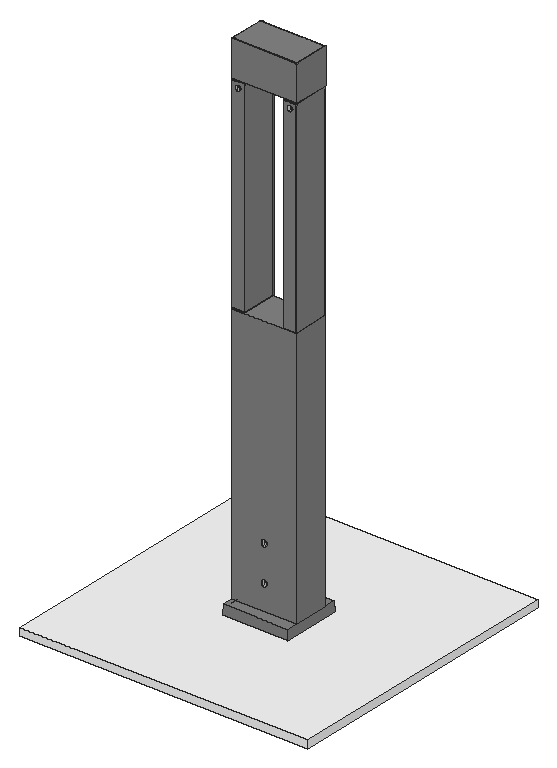
Revit family "BE_77266_de_DE", category Leuchten, Revit 2020
Family settings
  Basisbauteil = Fläche
  Bemaßung runder Anschluss = Durchmesser verwenden
  Teiletyp = Normal
  Beim Laden mit Abzugskörper schneiden = Ja
  Lichtquelle = Ja
  Gemeinsam genutzt = Nein
  Raumberechnungspunkt = Ja
Parameters (values of type "BEGA_77266_Grafit_K3")
  built-in parameter 1150104 = 11.281 (stored number, unit not read)
  Wattage = 4.2 W
  Default Elevation = 0 mm
  built-in parameter 1150113 = 1 (stored number, unit not read)
  built-in parameter 1114218 = 1 (stored number, unit not read)
  Umgebungstemperatur = "25 °C"
  URL = "https://www.bega.com/de/produkt/77266"
  Typenkommentare = "© 2022 BEGA. Wir behalten uns das Recht vor, technische Änderungen ohne vorherige Ankündigung vorzunehmen."  # constant formula
  Type Image = 77266.png
  built-in parameter 1150134 = (empty or 0)
  built-in parameter 1150109 = 1 (stored number, unit not read)
  Strom = ""
  built-in parameter 1150110 = 1 (stored number, unit not read)
  Spannung = 239.996 V
  Sonderanfertigung = no
  Seriennummer [instance] = "Hier können Sie die eindeutige Seriennummer für das Facility Management eintragen."
  Schutzklasse = "I"
  Schutzart = "IP 65"
  Scheinlast = 0 VA
  Produktdatenblatt = "https://cdn.bega.com/bega/products/77266K3/current/documents/data-sheets/de"
  Oberflächentemperatur = ""
  Neigungswinkel = 0.00°
  Modell = "77266K3"
  Material_18 = BEGA_Gummi_schwarz
  Material_17 = BEGA_Reflektor
  Material_15 = BEGA_Leuchtmedium_matt
  Material_10 = BEGA_Glas_matt
  Material_08 = BEGA_Oberfläche_Stahl_verzinkt
  Material_06 = BEGA_Oberfläche_Edelstahl_gebürstet
  Material_03 = BEGA_Oberfläche_Weiss_matt
  Material_02 = BEGA_Oberfläche_Silber_matt
  Material_01 [instance] = BEGA_Oberfläche_Grafit_matt
  M_G = yes
  M_A = no
  Logo = 0
  built-in parameter 1114217 = 1 (stored number, unit not read)
  built-in parameter 1150139 = (empty or 0)
  built-in parameter 1150105 = 40.585 (stored number, unit not read)
  built-in parameter 1150114 = 1 (stored number, unit not read)
  Lumens = 510.006 lm
  built-in parameter 1150115 = 1 (stored number, unit not read)
  Leuchtenlichtstrom = "216 lm"
  Leuchtenanzahl = ""
  Lebensdauerkriterien = "L70B50 @ 25 °C = 200000 h"
  Lastklassifizierung = Beleuchtung
  built-in parameter 1150112 = 1 (stored number, unit not read)
  Lampenlichtstrom = "690 lm"
  Lampe = "LED 4 W"
  LED_Modulbezeichnung = "2x LED-0234/830"
  built-in parameter 1150142 = (empty or 0)
  Hersteller = "BEGA"  # constant formula
  Halbstreuwinkel = ""
  Gewicht = "2.2 kg"
  Gebrauchslageneinschränkung [instance] = ""
  Frequenz = "0/50-60 Hz"
  Farbwiedergabeindex = "CRI > 80"
  Farbtemperaturverschiebung bei Dämpfen der Lampe = <Keine Auswahl>
  Farbtemperatur = "3000 K"
  Color Filter = 16777215
  built-in parameter 1150133 = 10 (stored number, unit not read)
  Energieeffizienzklasse = "LED A++ - A"
  built-in parameter 1150137 = (empty or 0)
  built-in parameter 1150132 = (empty or 0)
  ENEC = "ja"
  Dimmbar [instance] = "on/off"
  Datei für fotometrisches Netz = "BE_77266K3.IES"
  CE_Konformität = "ja"
  Bestellnummer = "77266K3"
  Beschreibung_Sonderanfertigung = "Hier können Sie Informationen zur Sonderanfertigung eintragen."
  Beschreibung = "Garten- und Wegeleuchte"
  built-in parameter 1150106 = 0.40585 (stored number, unit not read)
  Befestigungsbohrung = "Ø 5,5 mm"
  Befestigungsabstand = ""
  Ballwurfsicher = ""
  BEGA_Intern_aus = yes
  BEGA_Intern_an = yes
  BEGA_Intern_Konstruktion = yes
  BEGA_Intern = yes
  BEGA_IES = yes
  BEGA_Dummy = no
  Anschlussleitung = ""
  Anschlussleistung [instance] = "5.2 W"
  Anschlusskasten = ""
  built-in parameter 1150107 = 3000 (stored number, unit not read)
  built-in parameter 1150102 = (empty or 0)
  built-in parameter 1150138 = (empty or 0)
  Aktualisierung = "2022-05-19T04:00:07"
  Abstand_zur_angestrahlten_Fläche [instance] = ""
  AC/DC = "AC/DC"
Types (2, lengths in mm): name | Modell | M_G | M_A | Bestellnummer
  BEGA_77266_Silber_K3 | "77266AK3" | no | yes | "77266AK3"
  BEGA_77266_Grafit_K3 | "77266K3" | yes | no | "77266K3"
Reference planes
  plane 1 "Mitte (Vorne/Hinten)": y = 0
  plane 2: z = 0
  plane 3 "Mitte (Links/Rechts)": x = 0
  plane 4 "Links": x = -45.237
  plane 5 "Rechts": x = 45.237
  plane 6 "Unten": y = -40.235
  plane 7 "Oben": y = 40.235
  plane 8 "Vorne": z = 712.472
  plane 9 "Hinten": z = 0
Forms (mm)
  Extrusion 1, solid, material "BEGA_Platte_Weiss"
    sketch origin (0, -1119.2, 0) x (1, 0, 0) y (0, 1, 0)
      loop
        line (-200, 1319.2) -> (-200, 919.2) -> (200, 919.2) -> (200, 1319.2) -> (-200, 1319.2)
    from 0 to -10
  Extrusion 2, solid, material "BEGA_Dummy_matt", visible <- "BEGA_Dummy"
    sketch origin (80.095, -76.023, 0) x (1, 0, 0) y (0, 1, 0)
      loop
        line (-125.332, 116.258) -> (-125.332, 35.788) -> (-34.858, 35.788) -> (-34.858, 116.258) -> (-125.332, 116.258)
    from 0 to 712.472
Dimensions and locks
  plane 1 "Mitte (Vorne/Hinten)" to Extrusion 1 = 200 mm
  aligned and locked: plane 2 to Extrusion 1
  aligned and locked: level to Extrusion 1
Nested families
  nested 1: "BE_77266" at (0, 0, 0), type "BE_77266"
Connectors
  electrical at (0, 0, 0), driven by "Lastklassifizierung", driven by "Spannung", driven by "Scheinlast"
    settings: index 1, voltage 239.996 V, apparent load 0 VA, apparent load phase1 0 VA, apparent load phase2 0 VA, apparent load phase3 0 VA, power factor 1, load classification "Beleuchtung", number of poles 1, system type 31, power factor state 1, is connector primary yes, connector utility no, sub classification motor no, connector description ""
Definition of nested family "BE_77266"
  Parameters (values of type "BE_77266")
    Default Elevation = 1 mm
    URL = "http://www.bega.de/de/produkt"
    Type Comments = "© 2015 BEGA. Wir behalten uns das Recht vor, technische Änderungen ohne vorherige Ankündigung vorzunehmen. "  # constant formula
    Type Image = (empty or 0)
    Material_18 = none
    Material_17 = none
    Material_15 = none
    Material_11 = none
    Material_10 = none
    Material_09 = none
    Material_08 = none
    Material_06 = none
    Material_03 = none
    Material_02 = none
    Material_01 = none
    M_W = yes
    M_G = yes
    M_A = yes
    Länge_Platte = 200 mm  # constant formula
    Höhe_Platte = -10 mm  # constant formula
    Manufacturer = "BEGA"  # constant formula
    Breite_Platte = 200 mm  # constant formula
  Reference planes
    plane 1 "Mitte (Oben/Unten)": y = 0
    plane 2: z = 0
    plane 3 "Mitte (Links/Rechts)": x = 0
    plane 4: x = -45.237
    plane 5: z = 712.472
    plane 6: x = 45.237
    plane 7: y = -40.235
    plane 8: y = 40.235
  Forms (mm)
    Extrusion 1, solid, detail levels medium
      sketch origin (0, 0, 0) x (1, 0, 0) y (0, 1, 0)
        loop
          line (-100, 100) -> (-100, -100) -> (100, -100) -> (100, 100) -> (-100, 100)
      from 0 to -10 <- "Höhe_Platte"
    Sweep 2, solid, material <- "Material_01", visible <- "M_G", detail levels medium+fine
      path origin (0, 0, 0) x (1, 0, 0) y (0, 1, 0)
        loop
          line (-45.237, -40.235) -> (45.233, -40.235) -> (45.233, 40.235) -> (-45.237, 40.235) -> (-45.237, -40.235)
      profile origin (-45.237, 0, 0) x (-1, 0, 0) y (0, 0, 1)
        loop
          line (0, 0) -> (-0.237, 13.572) -> (-6.018, 13.572) -> (-6.018, 10.872) -> (-3.903, 10.872)
          arc (-3.903, 10.872) -> (-3.207, 10.591) -> (-2.903, 9.905) r 1
          line (-2.903, 9.905) -> (-2.557, 0) -> (0, 0)
    Extrusion 3, solid, material <- "Material_01", visible <- "M_G", detail levels medium+fine
      sketch origin (0, 0, 0) x (0, 1, 0) y (0, 0, 1)
        loop
          line (-34.217, 13.572) -> (-34.217, 10.872) -> (-24.011, 10.872) -> (-24.011, 13.572) -> (-34.217, 13.572)
        loop
          line (34.217, 13.572) -> (24.011, 13.572) -> (24.011, 10.872) -> (34.217, 10.872) -> (34.217, 13.572)
      from -39.318 to 39.318
    Revolve 4, solid, material <- "Material_08", detail levels medium+fine
      sketch origin (0, 0, 0) x (1, 0, 0) y (0, 0, 1)
        loop
          line (-21.066, 1) -> (-19.062, 1) -> (-19.062, 120) -> (-21.066, 120) -> (-21.066, 1)
        axis (0, 120) -> (0, 1)
      angle from 0 to 360
    Revolve 5, solid, material <- "Material_08", detail levels medium+fine
      sketch origin (0, 0, 0) x (1, 0, 0) y (0, 0, 1)
        loop
          line (-35, 0) -> (-23.104, 0)
          arc (-23.104, 0) -> (-21.958, 0.278) -> (-21.066, 1.048) r 2.506
          line (-21.066, 1.048) -> (-21.066, 3.828) -> (-22.897, 2) -> (-35, 2) -> (-35, 0)
        axis (0, 3.828) -> (0, 0)
      angle from 0 to 360
    Extrusion 6, void
      sketch origin (0, 0, 0) x (1, 0, 0) y (0, 1, 0)
        loop
          arc (-28.87, -19.787) -> (0, -35) -> (28.87, -19.787) r 35
          line (28.87, -19.787) -> (4.279, -24.123)
          arc (4.279, -24.123) -> (0, -24.5) -> (-4.279, -24.123) r 24.5
          line (-4.279, -24.123) -> (-28.87, -19.787)
      from 0 to 4.997
    Extrusion 7, void
      sketch origin (0, 0, 0) x (1, 0, 0) y (0, 1, 0)
        loop
          circle (0, 30) r 2.75
        loop
          circle (-25.981, -15) r 2.75
        loop
          circle (25.981, -15) r 2.75
      from 0 to 5.294
    Sweep 8, solid, material <- "Material_01", visible <- "M_G", detail levels medium+fine
      path origin (0, 0, 0) x (1, 0, 0) y (0, 1, 0)
        loop
          line (45.233, -25.624) -> (45.233, 24.8) -> (-45.237, 24.8) -> (-45.237, -25.624) -> (45.233, -25.624)
      profile origin (45.233, -0.412, 0) x (-1, 0, 0) y (0, 0, 1)
        loop
          line (3.233, 13.572) -> (3.233, 373.572) -> (0.233, 373.572) -> (0.233, 13.572) -> (3.233, 13.572)
    Revolve 9, void
      sketch origin (0, 0, 0) x (0, 1, 0) y (0, 0, 1)
        loop
          line (-25.391, 52.572) -> (-25.391, 48.572) -> (-22.203, 48.572) -> (-22.203, 52.572) -> (-25.391, 52.572)
        axis (-25.391, 48.572) -> (-22.203, 48.572)
      angle from 0 to 360
    Revolve 10, void
      sketch origin (0, 0, 50) x (0, 1, 0) y (0, 0, 1)
        loop
          line (-25.391, 52.572) -> (-25.391, 48.572) -> (-22.203, 48.572) -> (-22.203, 52.572) -> (-25.391, 52.572)
        axis (-25.391, 48.572) -> (-22.203, 48.572)
      angle from 0 to 360
    Revolve 11, solid, material <- "Material_06", detail levels fine
      sketch origin (0, 0, 50) x (0, 1, 0) y (0, 0, 1)
        loop
          line (-25.391, 52.502) -> (-25.391, 48.572) -> (-19.111, 48.572) -> (-19.111, 51.572) -> (-21.917, 51.572) -> (-21.917, 52.745) -> (-25.391, 52.502)
        axis (-25.391, 48.572) -> (-19.111, 48.572)
      angle from 0 to 360
    Revolve 12, solid, material <- "Material_06", detail levels fine
      sketch origin (0, 0, 0) x (0, 1, 0) y (0, 0, 1)
        loop
          line (-25.391, 52.502) -> (-25.391, 48.572) -> (-19.111, 48.572) -> (-19.111, 51.572) -> (-21.917, 51.572) -> (-21.917, 52.745) -> (-25.391, 52.502)
        axis (-25.391, 48.572) -> (-19.111, 48.572)
      angle from 0 to 360
    Extrusion 13, solid, material <- "Material_01", visible <- "M_G", detail levels medium+fine
      sketch origin (0, 0, 0) x (1, 0, 0) y (0, 1, 0)
        loop
          line (-26.974, -24.916) -> (-26.974, 24.084)
          arc (-26.974, 24.084) -> (-27.12, 24.438) -> (-27.474, 24.584) r 0.5
          line (-27.474, 24.584) -> (-44.474, 24.584)
          arc (-44.474, 24.584) -> (-44.827, 24.438) -> (-44.974, 24.084) r 0.5
          line (-44.974, 24.084) -> (-44.974, -24.916)
          arc (-44.974, -24.916) -> (-44.827, -25.269) -> (-44.474, -25.416) r 0.5
          line (-44.474, -25.416) -> (-27.474, -25.416)
          arc (-27.474, -25.416) -> (-27.12, -25.269) -> (-26.974, -24.916) r 0.5
        loop
          line (-29.498, -21.916) -> (-29.498, 22.084) -> (-42.474, 22.084) -> (-42.474, -21.916) -> (-29.498, -21.916)
        loop
          arc (26.974, -24.916) -> (27.12, -25.269) -> (27.474, -25.416) r 0.5
          line (27.474, -25.416) -> (44.474, -25.416)
          arc (44.474, -25.416) -> (44.827, -25.269) -> (44.974, -24.916) r 0.5
          line (44.974, -24.916) -> (44.974, 24.084)
          arc (44.974, 24.084) -> (44.827, 24.438) -> (44.474, 24.584) r 0.5
          line (44.474, 24.584) -> (27.474, 24.584)
          arc (27.474, 24.584) -> (27.12, 24.438) -> (26.974, 24.084) r 0.5
          line (26.974, 24.084) -> (26.974, -24.916)
        loop
          line (29.498, -21.916) -> (42.474, -21.916) -> (42.474, 22.084) -> (29.498, 22.084) -> (29.498, -21.916)
      from 376.972 to 660.968
    Sweep 14, solid, material <- "Material_01", visible <- "M_G", detail levels medium+fine
      path origin (0, 0, 0) x (1, 0, 0) y (0, 1, 0)
        loop
          line (-44.974, 24.984) -> (-44.974, -25.016) -> (44.974, -25.016) -> (44.974, 24.984) -> (-44.974, 24.984)
      profile origin (-44.974, -0.016, 0) x (1, 0, 0) y (0, 0, 1)
        loop
          line (-0.026, 662.472) -> (16.652, 662.472) -> (16.652, 666.772) -> (19.305, 666.772) -> (19.305, 668.272) -> (2.165, 668.571) -> (2.374, 692.548) -> (7.245, 692.548) -> (7.54, 709.472) -> (16.528, 709.472) -> (16.528, 712.472) -> (0.474, 712.472)
          arc (0.474, 712.472) -> (0.12, 712.326) -> (-0.026, 711.972) r 0.5
          line (-0.026, 711.972) -> (-0.026, 662.472)
    Extrusion 15, solid, material <- "Material_01", visible <- "M_G", detail levels medium+fine
      sketch origin (0, 0, 0) x (1, 0, 0) y (0, 0, 1)
        loop
          line (-28.446, 709.472) -> (28.446, 709.472) -> (28.446, 712.472) -> (-28.446, 712.472) -> (-28.446, 709.472)
      from -8.457 to 8.5
    Extrusion 16, solid, material <- "Material_01", visible <- "M_G", detail levels medium+fine
      sketch origin (0, 0, 0) x (1, 0, 0) y (0, 0, 1)
        loop
          line (-45, 375.472) -> (-45, 373.572) -> (45, 373.572) -> (45, 375.472) -> (-45, 375.472)
      from -24.583 to 25.417
    Extrusion 17, solid, material <- "Material_01", visible <- "M_G", detail levels medium+fine
      sketch origin (0, 0, 0) x (1, 0, 0) y (0, 0, 1)
        loop
          line (-44.25, 375.472) -> (-27.776, 375.472) -> (-27.776, 376.972) -> (-44.25, 376.972) -> (-44.25, 375.472)
        loop
          line (44.25, 375.472) -> (44.25, 376.972) -> (27.776, 376.972) -> (27.776, 375.472) -> (44.25, 375.472)
      from -23.823 to 24.657
    Extrusion 18, void
      sketch origin (0, 0, 0) x (0, 1, 0) y (0, 0, 1)
        loop
          line (-19.543, 666.772) -> (-19.543, 659.674) -> (19.543, 659.674) -> (19.543, 666.772) -> (-19.543, 666.772)
      from -28.322 to 28.322
    Extrusion 19, void
      sketch origin (0, 0, 0) x (0, 1, 0) y (0, 0, 1)
        loop
          line (-16.869, 669.807) -> (-16.869, 666.472) -> (17.005, 666.472) -> (17.005, 669.807) -> (-16.869, 669.807)
      from -25.669 to 25.669
    Extrusion 20, solid, material <- "Material_10", detail levels medium+fine
      sketch origin (0, 0, 0) x (1, 0, 0) y (0, 0, 1)
        loop
          line (-28, 662.472) -> (28, 662.472) -> (28, 666.472) -> (-28, 666.472) -> (-28, 662.472)
      from -19.25 to 19.25
    Extrusion 21, solid, material <- "Material_01", visible <- "M_G", detail levels medium+fine
      sketch origin (0, 0, 0) x (1, 0, 0) y (0, 0, 1)
        loop
          line (-44.276, 662.472) -> (-44.276, 660.968) -> (-27.75, 660.968) -> (-27.75, 662.472) -> (-44.276, 662.472)
        loop
          line (44.276, 662.472) -> (27.75, 662.472) -> (27.75, 660.968) -> (44.276, 660.968) -> (44.276, 662.472)
      from -24.256 to 24.257
    Revolve 22, solid, material <- "Material_06", detail levels fine
      sketch origin (-36, 0, 0) x (0, 1, 0) y (0, 0, -1)
        loop
          line (-24.596, -652.972) -> (-25.817, -652.972) -> (-25.817, -656.172) -> (-24.596, -656.172) -> (-24.596, -652.972)
        axis (-25.817, -652.972) -> (-24.596, -652.972)
      angle from 0 to 360
    Revolve 23, solid, material <- "Material_06", detail levels fine
      sketch origin (36, 0, 0) x (0, 1, 0) y (0, 0, 1)
        loop
          line (-24.596, 652.972) -> (-24.596, 656.172) -> (-25.817, 656.172) -> (-25.817, 652.972) -> (-24.596, 652.972)
        axis (-25.817, 652.972) -> (-24.596, 652.972)
      angle from 0 to 360
    Sweep 24, solid, material <- "Material_02", visible <- "M_A", detail levels medium+fine
      path origin (0, 0, 0) x (1, 0, 0) y (0, 1, 0)
        loop
          line (-45.237, -40.235) -> (45.233, -40.235) -> (45.233, 40.235) -> (-45.237, 40.235) -> (-45.237, -40.235)
      profile origin (-45.237, 0, 0) x (-1, 0, 0) y (0, 0, 1)
        loop
          line (0, 0) -> (-0.237, 13.572) -> (-6.018, 13.572) -> (-6.018, 10.872) -> (-3.903, 10.872)
          arc (-3.903, 10.872) -> (-3.207, 10.591) -> (-2.903, 9.905) r 1
          line (-2.903, 9.905) -> (-2.557, 0) -> (0, 0)
    Extrusion 25, solid, material <- "Material_02", visible <- "M_A", detail levels medium+fine
      sketch origin (0, 0, 0) x (0, 1, 0) y (0, 0, 1)
        loop
          line (-34.217, 13.572) -> (-34.217, 10.872) -> (-24.011, 10.872) -> (-24.011, 13.572) -> (-34.217, 13.572)
        loop
          line (34.217, 13.572) -> (24.011, 13.572) -> (24.011, 10.872) -> (34.217, 10.872) -> (34.217, 13.572)
      from -39.318 to 39.318
    Sweep 26, solid, material <- "Material_02", visible <- "M_A", detail levels medium+fine
      path origin (0, 0, 0) x (1, 0, 0) y (0, 1, 0)
        loop
          line (45.233, -25.624) -> (45.233, 24.8) -> (-45.237, 24.8) -> (-45.237, -25.624) -> (45.233, -25.624)
      profile origin (45.233, -0.412, 0) x (-1, 0, 0) y (0, 0, 1)
        loop
          line (3.233, 13.572) -> (3.233, 373.572) -> (0.233, 373.572) -> (0.233, 13.572) -> (3.233, 13.572)
    Extrusion 27, solid, material <- "Material_02", visible <- "M_A", detail levels medium+fine
      sketch origin (0, 0, 0) x (1, 0, 0) y (0, 0, 1)
        loop
          line (-45, 375.472) -> (-45, 373.572) -> (45, 373.572) -> (45, 375.472) -> (-45, 375.472)
      from -24.583 to 25.417
    Extrusion 28, solid, material <- "Material_02", visible <- "M_A", detail levels medium+fine
      sketch origin (0, 0, 0) x (1, 0, 0) y (0, 0, 1)
        loop
          line (-44.25, 375.472) -> (-27.776, 375.472) -> (-27.776, 376.972) -> (-44.25, 376.972) -> (-44.25, 375.472)
        loop
          line (44.25, 375.472) -> (44.25, 376.972) -> (27.776, 376.972) -> (27.776, 375.472) -> (44.25, 375.472)
      from -23.823 to 24.657
    Sweep 29, solid, material <- "Material_02", visible <- "M_A", detail levels medium+fine
      path origin (0, 0, 0) x (1, 0, 0) y (0, 1, 0)
        loop
          line (-44.974, 24.984) -> (-44.974, -25.016) -> (44.974, -25.016) -> (44.974, 24.984) -> (-44.974, 24.984)
      profile origin (-44.974, -0.016, 0) x (1, 0, 0) y (0, 0, 1)
        loop
          line (-0.026, 662.472) -> (16.652, 662.472) -> (16.652, 666.772) -> (19.305, 666.772) -> (19.305, 668.272) -> (2.165, 668.571) -> (2.374, 692.548) -> (7.245, 692.548) -> (7.54, 709.472) -> (16.528, 709.472) -> (16.528, 712.472) -> (0.474, 712.472)
          arc (0.474, 712.472) -> (0.12, 712.326) -> (-0.026, 711.972) r 0.5
          line (-0.026, 711.972) -> (-0.026, 662.472)
    Extrusion 30, solid, material <- "Material_02", visible <- "M_A", detail levels medium+fine
      sketch origin (0, 0, 0) x (1, 0, 0) y (0, 0, 1)
        loop
          line (-28.446, 709.472) -> (28.446, 709.472) -> (28.446, 712.472) -> (-28.446, 712.472) -> (-28.446, 709.472)
      from -8.457 to 8.5
    Extrusion 31, solid, material <- "Material_02", visible <- "M_A", detail levels medium+fine
      sketch origin (0, 0, 0) x (1, 0, 0) y (0, 0, 1)
        loop
          line (-44.276, 662.472) -> (-44.276, 660.968) -> (-27.75, 660.968) -> (-27.75, 662.472) -> (-44.276, 662.472)
        loop
          line (44.276, 662.472) -> (27.75, 662.472) -> (27.75, 660.968) -> (44.276, 660.968) -> (44.276, 662.472)
      from -24.256 to 24.257
    Extrusion 32, solid, material <- "Material_02", visible <- "M_A", detail levels medium+fine
      sketch origin (0, 0, 0) x (1, 0, 0) y (0, 1, 0)
        loop
          line (-26.974, -24.916) -> (-26.974, 24.084)
          arc (-26.974, 24.084) -> (-27.12, 24.438) -> (-27.474, 24.584) r 0.5
          line (-27.474, 24.584) -> (-44.474, 24.584)
          arc (-44.474, 24.584) -> (-44.827, 24.438) -> (-44.974, 24.084) r 0.5
          line (-44.974, 24.084) -> (-44.974, -24.916)
          arc (-44.974, -24.916) -> (-44.827, -25.269) -> (-44.474, -25.416) r 0.5
          line (-44.474, -25.416) -> (-27.474, -25.416)
          arc (-27.474, -25.416) -> (-27.12, -25.269) -> (-26.974, -24.916) r 0.5
        loop
          line (-29.498, -21.916) -> (-29.498, 22.084) -> (-42.474, 22.084) -> (-42.474, -21.916) -> (-29.498, -21.916)
        loop
          arc (26.974, -24.916) -> (27.12, -25.269) -> (27.474, -25.416) r 0.5
          line (27.474, -25.416) -> (44.474, -25.416)
          arc (44.474, -25.416) -> (44.827, -25.269) -> (44.974, -24.916) r 0.5
          line (44.974, -24.916) -> (44.974, 24.084)
          arc (44.974, 24.084) -> (44.827, 24.438) -> (44.474, 24.584) r 0.5
          line (44.474, 24.584) -> (27.474, 24.584)
          arc (27.474, 24.584) -> (27.12, 24.438) -> (26.974, 24.084) r 0.5
          line (26.974, 24.084) -> (26.974, -24.916)
        loop
          line (29.498, -21.916) -> (42.474, -21.916) -> (42.474, 22.084) -> (29.498, 22.084) -> (29.498, -21.916)
      from 376.972 to 660.968
  Cuts and joins
    Extrusion 7 cuts Sweep 2
    Extrusion 7 cuts Extrusion 3
    joined: Sweep 2, Extrusion 3
    Extrusion 6, Extrusion 7 cuts Revolve 4
    Extrusion 6, Extrusion 7 cuts Revolve 5
    joined: Revolve 4, Revolve 5
    Revolve 9, Revolve 10 cuts Sweep 8
    joined: Sweep 8, Extrusion 16, Extrusion 17
    Extrusion 18, Extrusion 19 cuts Sweep 14
    Extrusion 19 cuts Extrusion 15
    joined: Sweep 14, Extrusion 15, Extrusion 21
    joined: Sweep 24, Extrusion 25
    Revolve 9, Revolve 10 cuts Sweep 26
    joined: Sweep 26, Extrusion 27, Extrusion 28
    Extrusion 18, Extrusion 19 cuts Sweep 29
    joined: Sweep 29, Extrusion 30, Extrusion 31
  Dimensions and locks
    equal spacing: Extrusion 1 sketch curve, plane 3 "Mitte (Links/Rechts)", Extrusion 1 sketch curve
    equal spacing: Extrusion 1 sketch curve, plane 1 "Mitte (Oben/Unten)", Extrusion 1 sketch curve
    "Länge_Platte": Extrusion 1 sketch curve to Extrusion 1 sketch curve
    "Breite_Platte": Extrusion 1 sketch curve to Extrusion 1 sketch curve
    aligned and locked: Extrusion 1 to plane 2
    aligned and locked: level to Extrusion 1
  Automatic sketch dimensions
    Sweep 2 sketch curve to plane 3 "Mitte (Links/Rechts)" = 45.237 mm
    plane 3 "Mitte (Links/Rechts)" to Sweep 2 sketch curve = 45.233 mm
    plane 1 "Mitte (Oben/Unten)" to Sweep 2 sketch curve = 40.235 mm
    Sweep 2 sketch curve to plane 1 "Mitte (Oben/Unten)" = 40.235 mm
    Sweep 2 sketch curve to level = 0 mm
    profile plane to Sweep 2 sketch curve = 6.018 mm
    Sweep 2 sketch curve to Sweep 2 sketch curve = 2.115 mm
    Sweep 2 sketch curve to Sweep 2 sketch curve = 0.999 mm
    profile plane to Sweep 2 sketch curve = 2.557 mm
    profile plane to Sweep 2 sketch curve = 0.237 mm
    profile plane to Sweep 2 sketch curve = 0 mm
    level to Sweep 2 sketch curve = 9.872 mm
    Sweep 2 sketch curve to Sweep 2 sketch curve = 0.033 mm
    Sweep 2 sketch curve to Sweep 2 sketch curve = 3.667 mm
    level to Extrusion 3 sketch curve = 10.872 mm  (x2)
    plane 1 "Mitte (Oben/Unten)" to Extrusion 3 sketch curve = 34.217 mm
    Extrusion 3 sketch curve to Extrusion 3 sketch curve = 10.207 mm  (x2)
    Extrusion 3 sketch curve to plane 1 "Mitte (Oben/Unten)" = 24.011 mm
    Extrusion 3 sketch curve to Extrusion 3 sketch curve = 2.7 mm  (x2)
    Revolve 4 sketch curve to plane 3 "Mitte (Links/Rechts)" = 0 mm
    level to Revolve 4 sketch curve = 1 mm
    Revolve 4 sketch curve to plane 3 "Mitte (Links/Rechts)" = 19.062 mm
    Revolve 4 sketch curve to Revolve 4 sketch curve = 2.004 mm
    Revolve 4 sketch curve to Revolve 4 sketch curve = 119 mm
    Revolve 4 sketch curve to Revolve 4 sketch curve = 50 mm
    Revolve 4 sketch curve to Revolve 4 sketch curve = 10 mm
    Revolve 5 sketch curve to level = 0 mm
    Revolve 5 sketch curve to plane 3 "Mitte (Links/Rechts)" = 0 mm
    level to Revolve 5 sketch curve = 3.828 mm
    Revolve 5 sketch curve to plane 3 "Mitte (Links/Rechts)" = 21.066 mm
    level to Revolve 5 sketch curve = 2 mm
    Revolve 5 sketch curve to Revolve 5 sketch curve = 1.831 mm
    Revolve 5 sketch curve to Revolve 5 sketch curve = 0.207 mm
    Revolve 5 sketch curve to Revolve 5 sketch curve = 11.896 mm
    level to Revolve 5 sketch curve = 1.048 mm
    Revolve 5 sketch curve to Revolve 5 sketch curve = 0.506 mm
    Revolve 5 sketch curve to Revolve 5 sketch curve = 0 mm
    Revolve 5 sketch curve to level = 2 mm
    level to Revolve 5 sketch curve = 3.439 mm
    Extrusion 6 sketch curve to Extrusion 6 sketch curve = 0 mm  (x2)
    plane 1 "Mitte (Oben/Unten)" to Extrusion 6 sketch curve = 0 mm
    Extrusion 6 sketch curve to plane 3 "Mitte (Links/Rechts)" = 0 mm
    Extrusion 6 sketch curve to plane 3 "Mitte (Links/Rechts)" = 4.279 mm
    Extrusion 6 sketch curve to Extrusion 6 sketch curve = 24.59 mm  (x2)
    plane 3 "Mitte (Links/Rechts)" to Extrusion 6 sketch curve = 4.279 mm
    plane 1 "Mitte (Oben/Unten)" to Extrusion 6 sketch curve = 19.787 mm
    plane 1 "Mitte (Oben/Unten)" to Extrusion 6 sketch curve = 24.123 mm
    Sweep 8 sketch curve to plane 3 "Mitte (Links/Rechts)" = 45.237 mm
    plane 3 "Mitte (Links/Rechts)" to Sweep 8 sketch curve = 45.233 mm
    plane 1 "Mitte (Oben/Unten)" to Sweep 8 sketch curve = 25.624 mm
    Sweep 8 sketch curve to plane 1 "Mitte (Oben/Unten)" = 24.8 mm
    Sweep 8 sketch curve to profile plane = 0.233 mm
    Sweep 8 sketch curve to Sweep 8 sketch curve = 3 mm
    profile plane to Sweep 8 sketch curve = 13.572 mm
    Sweep 8 sketch curve to Sweep 8 sketch curve = 360 mm
    plane 1 "Mitte (Oben/Unten)" to Revolve 9 sketch curve = 25.391 mm
    Revolve 9 sketch curve to Revolve 9 sketch curve = 3.187 mm
    level to Revolve 9 sketch curve = 48.572 mm
    Revolve 9 sketch curve to Revolve 9 sketch curve = 4 mm
    Revolve 9 sketch curve to Revolve 9 sketch curve = 1.109 mm
    Revolve 9 sketch curve to Revolve 9 sketch curve = 0.934 mm
    Revolve 9 sketch curve to Revolve 9 sketch curve = 0 mm
    plane 1 "Mitte (Oben/Unten)" to Revolve 10 sketch curve = 25.391 mm
    Revolve 10 sketch curve to Revolve 10 sketch curve = 3.187 mm
    level to Revolve 10 sketch curve = 98.572 mm
    Revolve 10 sketch curve to Revolve 10 sketch curve = 4 mm
    Revolve 10 sketch curve to Revolve 10 sketch curve = 1.109 mm
    Revolve 10 sketch curve to Revolve 10 sketch curve = 0.934 mm
    Revolve 10 sketch curve to Revolve 10 sketch curve = 0 mm
    plane 1 "Mitte (Oben/Unten)" to Revolve 11 sketch curve = 25.391 mm
    Revolve 11 sketch curve to Revolve 11 sketch curve = 3.474 mm
    Revolve 11 sketch curve to Revolve 11 sketch curve = 2.806 mm
    level to Revolve 11 sketch curve = 98.572 mm
    Revolve 11 sketch curve to Revolve 11 sketch curve = 3 mm
    Revolve 11 sketch curve to Revolve 11 sketch curve = 0.93 mm
    Revolve 11 sketch curve to Revolve 11 sketch curve = 1.173 mm
    Revolve 11 sketch curve to Revolve 11 sketch curve = 1.604 mm
    Revolve 11 sketch curve to Revolve 11 sketch curve = 0.85 mm
    Revolve 11 sketch curve to Revolve 11 sketch curve = 0 mm
    plane 1 "Mitte (Oben/Unten)" to Revolve 12 sketch curve = 25.391 mm
    Revolve 12 sketch curve to Revolve 12 sketch curve = 3.474 mm
    Revolve 12 sketch curve to Revolve 12 sketch curve = 2.806 mm
    level to Revolve 12 sketch curve = 48.572 mm
    Revolve 12 sketch curve to Revolve 12 sketch curve = 3 mm
    Revolve 12 sketch curve to Revolve 12 sketch curve = 0.93 mm
    Revolve 12 sketch curve to Revolve 12 sketch curve = 1.173 mm
    Revolve 12 sketch curve to Revolve 12 sketch curve = 1.604 mm
    Revolve 12 sketch curve to Revolve 12 sketch curve = 0.85 mm
    Revolve 12 sketch curve to Revolve 12 sketch curve = 0 mm
    Extrusion 13 sketch curve to plane 1 "Mitte (Oben/Unten)" = 24.084 mm  (x2)
    Extrusion 13 sketch curve to plane 3 "Mitte (Links/Rechts)" = 44.974 mm
    Extrusion 13 sketch curve to Extrusion 13 sketch curve = 0.5 mm  (x6)
    Extrusion 13 sketch curve to Extrusion 13 sketch curve = 2 mm  (x5)
    Extrusion 13 sketch curve to Extrusion 13 sketch curve = 12.976 mm  (x2)
    Extrusion 13 sketch curve to Extrusion 13 sketch curve = 2.024 mm  (x3)
    plane 3 "Mitte (Links/Rechts)" to Extrusion 13 sketch curve = 26.974 mm
    plane 1 "Mitte (Oben/Unten)" to Extrusion 13 sketch curve = 21.916 mm  (x2)
    Extrusion 13 sketch curve to Extrusion 13 sketch curve = 3 mm  (x2)
    Extrusion 13 sketch curve to Extrusion 13 sketch curve = 0 mm  (x2)
    Sweep 14 sketch curve to plane 3 "Mitte (Links/Rechts)" = 44.974 mm
    plane 3 "Mitte (Links/Rechts)" to Sweep 14 sketch curve = 44.974 mm
    plane 1 "Mitte (Oben/Unten)" to Sweep 14 sketch curve = 25.016 mm
    Sweep 14 sketch curve to plane 1 "Mitte (Oben/Unten)" = 24.984 mm
    profile plane to Sweep 14 sketch curve = 0.026 mm
    Sweep 14 sketch curve to profile plane = 0.474 mm
    Sweep 14 sketch curve to profile plane = 2.165 mm
    Sweep 14 sketch curve to profile plane = 2.374 mm
    Sweep 14 sketch curve to Sweep 14 sketch curve = 4.87 mm
    Sweep 14 sketch curve to Sweep 14 sketch curve = 7.067 mm
    Sweep 14 sketch curve to Sweep 14 sketch curve = 8.988 mm
    Sweep 14 sketch curve to Sweep 14 sketch curve = 14.487 mm
    Sweep 14 sketch curve to Sweep 14 sketch curve = 2.653 mm
    level to Sweep 14 sketch curve = 662.472 mm
    Sweep 14 sketch curve to Sweep 14 sketch curve = 4.3 mm
    Sweep 14 sketch curve to Sweep 14 sketch curve = 1.5 mm
    Sweep 14 sketch curve to Sweep 14 sketch curve = 6.099 mm
    Sweep 14 sketch curve to Sweep 14 sketch curve = 23.976 mm
    Sweep 14 sketch curve to Sweep 14 sketch curve = 16.924 mm
    Sweep 14 sketch curve to Sweep 14 sketch curve = 2.5 mm
    Extrusion 15 sketch curve to plane 3 "Mitte (Links/Rechts)" = 28.446 mm
    plane 3 "Mitte (Links/Rechts)" to Extrusion 15 sketch curve = 28.446 mm
    level to Extrusion 15 sketch curve = 709.472 mm
    Extrusion 15 sketch curve to Extrusion 15 sketch curve = 3 mm
    Extrusion 16 sketch curve to plane 3 "Mitte (Links/Rechts)" = 45 mm
    plane 3 "Mitte (Links/Rechts)" to Extrusion 16 sketch curve = 45 mm
    level to Extrusion 16 sketch curve = 373.572 mm
    Extrusion 16 sketch curve to Extrusion 16 sketch curve = 1.9 mm
    Extrusion 17 sketch curve to plane 3 "Mitte (Links/Rechts)" = 44.25 mm
    Extrusion 17 sketch curve to Extrusion 17 sketch curve = 16.474 mm  (x2)
    plane 3 "Mitte (Links/Rechts)" to Extrusion 17 sketch curve = 27.776 mm
    level to Extrusion 17 sketch curve = 375.472 mm
    Extrusion 17 sketch curve to Extrusion 17 sketch curve = 0 mm
    Extrusion 17 sketch curve to Extrusion 17 sketch curve = 1.5 mm  (x2)
    plane 1 "Mitte (Oben/Unten)" to Extrusion 18 sketch curve = 19.543 mm
    Extrusion 18 sketch curve to plane 1 "Mitte (Oben/Unten)" = 19.543 mm
    level to Extrusion 18 sketch curve = 659.674 mm
    Extrusion 18 sketch curve to Extrusion 18 sketch curve = 7.098 mm
    plane 1 "Mitte (Oben/Unten)" to Extrusion 19 sketch curve = 16.869 mm
    Extrusion 19 sketch curve to plane 1 "Mitte (Oben/Unten)" = 17.005 mm
    level to Extrusion 19 sketch curve = 666.472 mm
    Extrusion 19 sketch curve to Extrusion 19 sketch curve = 3.335 mm
    Extrusion 20 sketch curve to plane 3 "Mitte (Links/Rechts)" = 28 mm
    plane 3 "Mitte (Links/Rechts)" to Extrusion 20 sketch curve = 28 mm
    level to Extrusion 20 sketch curve = 662.472 mm
    Extrusion 20 sketch curve to Extrusion 20 sketch curve = 4 mm
    Extrusion 21 sketch curve to plane 3 "Mitte (Links/Rechts)" = 44.276 mm
    Extrusion 21 sketch curve to Extrusion 21 sketch curve = 16.526 mm  (x2)
    plane 3 "Mitte (Links/Rechts)" to Extrusion 21 sketch curve = 27.75 mm
    level to Extrusion 21 sketch curve = 660.968 mm
    Extrusion 21 sketch curve to Extrusion 21 sketch curve = 0 mm
    Extrusion 21 sketch curve to Extrusion 21 sketch curve = 1.504 mm  (x2)
    plane 1 "Mitte (Oben/Unten)" to Revolve 22 sketch curve = 25.817 mm
    Revolve 22 sketch curve to Revolve 22 sketch curve = 1.221 mm
    level to Revolve 22 sketch curve = 656.172 mm
    Revolve 22 sketch curve to Revolve 22 sketch curve = 3.2 mm
    Revolve 22 sketch curve to Revolve 22 sketch curve = 0 mm  (x3)
    plane 1 "Mitte (Oben/Unten)" to Revolve 23 sketch curve = 25.817 mm
    Revolve 23 sketch curve to Revolve 23 sketch curve = 1.221 mm
    level to Revolve 23 sketch curve = 652.972 mm
    Revolve 23 sketch curve to Revolve 23 sketch curve = 3.2 mm
    Revolve 23 sketch curve to Revolve 23 sketch curve = 0 mm  (x3)
    Sweep 24 sketch curve to plane 3 "Mitte (Links/Rechts)" = 45.237 mm
    plane 3 "Mitte (Links/Rechts)" to Sweep 24 sketch curve = 45.233 mm
    plane 1 "Mitte (Oben/Unten)" to Sweep 24 sketch curve = 40.235 mm
    Sweep 24 sketch curve to plane 1 "Mitte (Oben/Unten)" = 40.235 mm
    Sweep 24 sketch curve to level = 0 mm
    profile plane to Sweep 24 sketch curve = 6.018 mm
    Sweep 24 sketch curve to Sweep 24 sketch curve = 2.115 mm
    Sweep 24 sketch curve to Sweep 24 sketch curve = 0.999 mm
    profile plane to Sweep 24 sketch curve = 2.557 mm
    profile plane to Sweep 24 sketch curve = 0.237 mm
    profile plane to Sweep 24 sketch curve = 0 mm
    level to Sweep 24 sketch curve = 9.872 mm
    Sweep 24 sketch curve to Sweep 24 sketch curve = 0.033 mm
    Sweep 24 sketch curve to Sweep 24 sketch curve = 3.667 mm
    level to Extrusion 25 sketch curve = 10.872 mm  (x2)
    plane 1 "Mitte (Oben/Unten)" to Extrusion 25 sketch curve = 34.217 mm
    Extrusion 25 sketch curve to Extrusion 25 sketch curve = 10.207 mm  (x2)
    Extrusion 25 sketch curve to plane 1 "Mitte (Oben/Unten)" = 24.011 mm
    Extrusion 25 sketch curve to Extrusion 25 sketch curve = 2.7 mm  (x2)
    Sweep 26 sketch curve to plane 3 "Mitte (Links/Rechts)" = 45.237 mm
    plane 3 "Mitte (Links/Rechts)" to Sweep 26 sketch curve = 45.233 mm
    plane 1 "Mitte (Oben/Unten)" to Sweep 26 sketch curve = 25.624 mm
    Sweep 26 sketch curve to plane 1 "Mitte (Oben/Unten)" = 24.8 mm
    Sweep 26 sketch curve to profile plane = 0.233 mm
    Sweep 26 sketch curve to Sweep 26 sketch curve = 3 mm
    profile plane to Sweep 26 sketch curve = 13.572 mm
    Sweep 26 sketch curve to Sweep 26 sketch curve = 360 mm
    Extrusion 27 sketch curve to plane 3 "Mitte (Links/Rechts)" = 45 mm
    plane 3 "Mitte (Links/Rechts)" to Extrusion 27 sketch curve = 45 mm
    level to Extrusion 27 sketch curve = 373.572 mm
    Extrusion 27 sketch curve to Extrusion 27 sketch curve = 1.9 mm
    Extrusion 28 sketch curve to plane 3 "Mitte (Links/Rechts)" = 44.25 mm
    Extrusion 28 sketch curve to Extrusion 28 sketch curve = 16.474 mm  (x2)
    plane 3 "Mitte (Links/Rechts)" to Extrusion 28 sketch curve = 27.776 mm
    level to Extrusion 28 sketch curve = 375.472 mm
    Extrusion 28 sketch curve to Extrusion 28 sketch curve = 0 mm
    Extrusion 28 sketch curve to Extrusion 28 sketch curve = 1.5 mm  (x2)
    Sweep 29 sketch curve to plane 3 "Mitte (Links/Rechts)" = 44.974 mm
    plane 3 "Mitte (Links/Rechts)" to Sweep 29 sketch curve = 44.974 mm
    plane 1 "Mitte (Oben/Unten)" to Sweep 29 sketch curve = 25.016 mm
    Sweep 29 sketch curve to plane 1 "Mitte (Oben/Unten)" = 24.984 mm
    profile plane to Sweep 29 sketch curve = 0.026 mm
    Sweep 29 sketch curve to profile plane = 0.474 mm
    Sweep 29 sketch curve to profile plane = 2.165 mm
    Sweep 29 sketch curve to profile plane = 2.374 mm
    Sweep 29 sketch curve to Sweep 29 sketch curve = 4.87 mm
    Sweep 29 sketch curve to Sweep 29 sketch curve = 7.067 mm
    Sweep 29 sketch curve to Sweep 29 sketch curve = 8.988 mm
    Sweep 29 sketch curve to Sweep 29 sketch curve = 14.487 mm
    Sweep 29 sketch curve to Sweep 29 sketch curve = 2.653 mm
    level to Sweep 29 sketch curve = 662.472 mm
    Sweep 29 sketch curve to Sweep 29 sketch curve = 4.3 mm
    Sweep 29 sketch curve to Sweep 29 sketch curve = 1.5 mm
    Sweep 29 sketch curve to Sweep 29 sketch curve = 6.099 mm
    Sweep 29 sketch curve to Sweep 29 sketch curve = 23.976 mm
    Sweep 29 sketch curve to Sweep 29 sketch curve = 16.924 mm
    Sweep 29 sketch curve to Sweep 29 sketch curve = 2.5 mm
    Extrusion 30 sketch curve to plane 3 "Mitte (Links/Rechts)" = 28.446 mm
    plane 3 "Mitte (Links/Rechts)" to Extrusion 30 sketch curve = 28.446 mm
    level to Extrusion 30 sketch curve = 709.472 mm
    Extrusion 30 sketch curve to Extrusion 30 sketch curve = 3 mm
    Extrusion 31 sketch curve to plane 3 "Mitte (Links/Rechts)" = 44.276 mm
    Extrusion 31 sketch curve to Extrusion 31 sketch curve = 16.526 mm  (x2)
    plane 3 "Mitte (Links/Rechts)" to Extrusion 31 sketch curve = 27.75 mm
    level to Extrusion 31 sketch curve = 660.968 mm
    Extrusion 31 sketch curve to Extrusion 31 sketch curve = 0 mm
    Extrusion 31 sketch curve to Extrusion 31 sketch curve = 1.504 mm  (x2)
    Extrusion 32 sketch curve to plane 1 "Mitte (Oben/Unten)" = 24.084 mm  (x2)
    Extrusion 32 sketch curve to plane 3 "Mitte (Links/Rechts)" = 44.974 mm
    Extrusion 32 sketch curve to Extrusion 32 sketch curve = 0.5 mm  (x6)
    Extrusion 32 sketch curve to Extrusion 32 sketch curve = 2 mm  (x5)
    Extrusion 32 sketch curve to Extrusion 32 sketch curve = 12.976 mm  (x2)
    Extrusion 32 sketch curve to Extrusion 32 sketch curve = 2.024 mm  (x3)
    plane 3 "Mitte (Links/Rechts)" to Extrusion 32 sketch curve = 26.974 mm
    plane 1 "Mitte (Oben/Unten)" to Extrusion 32 sketch curve = 21.916 mm  (x2)
    Extrusion 32 sketch curve to Extrusion 32 sketch curve = 3 mm  (x2)
    Extrusion 32 sketch curve to Extrusion 32 sketch curve = 0 mm  (x2)
